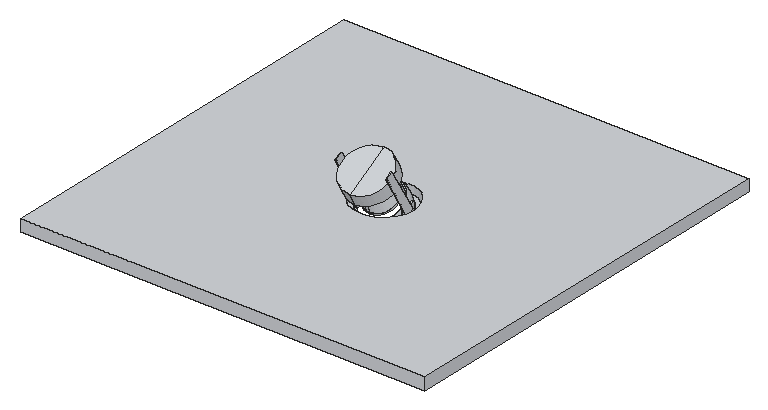
Revit family "Ambiance_X100_Wallwasher", category Lighting Fixtures, Revit 2014
Parameters (values of type "Ambiance X100 Wallwasher")
  Wattage Comments = "11.7"
  Wattage = 11.7 W
  built-in parameter 1150110 = 1 (stored number, unit not read)
  Type Comments = "Recessed"
  Type = "Ambiance X100 Wallwasher"
  built-in parameter 1114217 = 1 (stored number, unit not read)
  built-in parameter 1150109 = 1 (stored number, unit not read)
  built-in parameter 1150134 = (empty or 0)
  built-in parameter 1150113 = 1 (stored number, unit not read)
  O/A Diameter (mm) = "100"
  Model = "Ambiance X100 Wallwasher"
  Manufacturer = "Designed Architectural Lighting"
  Luminous flux of luminaire (lm) = "1300"
  Lumens = 1298.7 lm
  built-in parameter 1150115 = 1 (stored number, unit not read)
  built-in parameter 1150105 = 103.35 (stored number, unit not read)
  Light Source Symbol Size = 609.6 mm
  built-in parameter 1150137 = (empty or 0)
  built-in parameter 1150139 = (empty or 0)
  built-in parameter 1150112 = 1 (stored number, unit not read)
  built-in parameter 1150114 = 1 (stored number, unit not read)
  Lamp = "LED"
  built-in parameter 1150132 = (empty or 0)
  built-in parameter 1150102 = (empty or 0)
  built-in parameter 1150138 = (empty or 0)
  built-in parameter 1150107 = 3000 (stored number, unit not read)
  built-in parameter 1150106 = 1.0335 (stored number, unit not read)
  Height (mm) = "90"
  built-in parameter 1150104 = 10.312 (stored number, unit not read)
  Dimming Lamp Color Temperature Shift = <None>
  Description = "Recessed LED lens wallwasher"
  Cut Out (mm) = "90"
  Colour temperature (K) = "2700/3000/3500/4000"
  Color Filter = 16777215
  CRI = "80"
  built-in parameter 1114218 = 1 (stored number, unit not read)
  built-in parameter 1150133 = 10 (stored number, unit not read)
  Apparent Load = 11.7 VA
  Aperture (mm) = "65"
Reference planes
  plane 1 "Light Source Axis (F/B)": y = 0
  plane 2: z = 0
  plane 3 "Light Source Axis (L/R)": x = 0
  plane 4 "Light Source Elevation": z = 0
Forms (mm)
  Extrusion 1, solid
    sketch origin (-38.915, -66.181, 0) x (1, 0, 0) y (0, 1, 0)
      loop
        line (-261.085, 366.181) -> (-261.085, -233.819) -> (338.915, -233.819) -> (338.915, 366.181) -> (-261.085, 366.181)
      loop
        circle (38.915, 66.181) r 45
    from 0 to 18
  Revolve 2, solid
    sketch origin (0, 5.688, 2.135) x (0, 0.866025, 0.5) y (0, -0.5, 0.866025)
      loop
        line (36.241, 77.71) -> (0, 77.71) -> (0, 57.777) -> (36.241, 57.777) -> (36.241, 77.71)
      axis (0, 77.71) -> (0, 57.777)
    angle from 0 to 360
  Revolve 3, solid
    sketch origin (0, 0, 0) x (0, 1, 0) y (0, 0, 1)
      loop
        line (50, 0) -> (43.735, 0) -> (43.735, 6.649) -> (37.072, 6.649) -> (37.072, 21.887) -> (35.026, 21.887) -> (35.026, -1.916) -> (41.25, -1.916) -> (41.25, -2.962) -> (50, -2.962) -> (50, 0)
      axis (0, 21.887) -> (0, -2.962)
    angle from 0 to 360
  Revolve 4, solid
    sketch origin (0, 6.356, 1.767) x (0, 0.866025, 0.5) y (0, -0.5, 0.866025)
      loop
        arc (-13.039, 51.701) -> (-19.471, 38.967) -> (-23.685, 25.338) r 85.095
        line (-23.685, 25.338) -> (-24.732, 25.338) -> (-24.732, 22.891) -> (-21.991, 22.891)
        arc (-21.991, 22.891) -> (-17.529, 37.705) -> (-10.932, 51.701) r 104.73
        line (-10.932, 51.701) -> (-13.039, 51.701)
      axis (0, 51.701) -> (0, 22.891)
    angle from 0 to 360
  Revolve 5, solid
    sketch origin (0, 0, 0) x (0, 1, 0) y (0, 0, 1)
      loop
        line (36.002, -1.916) -> (35.026, 8.951)
        arc (35.026, 8.951) -> (30.77, 23.706) -> (21.315, 35.807) r 40.401
        line (21.315, 35.807) -> (19.744, 35.386)
        arc (19.744, 35.386) -> (29.504, 22.802) -> (33.899, 7.496) r 42.154
        line (33.899, 7.496) -> (34.839, -2.962) -> (40.897, -2.962) -> (40.897, -1.916) -> (36.002, -1.916)
      axis (0, 35.807) -> (0, -2.962)
    angle from 0 to 360
  Revolve 6, solid
    sketch origin (0, 5.936, 2.005) x (0, 0.866025, 0.5) y (0, -0.5, 0.866025)
      loop
        line (0, 51.701) -> (20.907, 51.701) -> (20.907, 57.777) -> (0, 57.777) -> (0, 51.701)
      axis (0, 57.777) -> (0, 51.701)
    angle from 0 to 360
  Extrusion 7, void
    sketch origin (0, 0, 0) x (1, 0, 0) y (0, 1, 0)
      loop
        arc (-33.603, 9.882) -> (0, 35.026) -> (33.603, 9.882) r 35.026
        line (33.603, 9.882) -> (43.901, 9.882)
        arc (43.901, 9.882) -> (0, 45.075) -> (-43.901, 9.882) r 44.979
        line (-43.901, 9.882) -> (-33.603, 9.882)
      loop
        line (-33.603, -9.882) -> (-43.901, -9.882)
        arc (-43.901, -9.882) -> (0, -44.8) -> (43.901, -9.882) r 45.057
        line (43.901, -9.882) -> (33.603, -9.882)
        arc (33.603, -9.882) -> (0, -35.026) -> (-33.603, -9.882) r 35.026
    from 6.649 to 21.887
  Extrusion 8, solid
    sketch origin (0, 6.639, 0.101) x (1, 0, 0) y (0, 0.866025, 0.5)
      loop
        line (-36.795, 5.639) -> (-38.064, 5.639) -> (-38.064, -5.789) -> (-36.795, -5.789) -> (-36.795, 5.639)
    from 13.867 to 89.835
  Extrusion 9, solid
    sketch origin (74.854, 6.179, 1.275) x (1, 0, 0) y (0, 0.866025, 0.5)
      loop
        line (-36.795, 5.639) -> (-38.064, 5.639) -> (-38.064, -5.789) -> (-36.795, -5.789) -> (-36.795, 5.639)
    from 12.621 to 88.5
  Extrusion 10, void
    sketch origin (0, 0, 0) x (0, 1, 0) y (0, 0, 1)
      loop
        line (24.488, 36.777) -> (-23.156, 35.895) -> (-34.159, 23.237) -> (-36.736, 2.84) -> (24.488, 36.777)
    from -33.603 to 33.603
Cuts and joins
  Extrusion 7 cuts Extrusion 1
  Extrusion 7 cuts Revolve 2
  Extrusion 7 cuts Revolve 3
  Extrusion 7, Extrusion 10 cuts Revolve 5
Dimensions and locks
  aligned and locked: plane 3 "Light Source Axis (L/R)" to imposter light
  aligned and locked: plane 1 "Light Source Axis (F/B)" to imposter light
  aligned and locked: plane 4 "Light Source Elevation" to imposter light
  aligned and locked: level to plane 2
